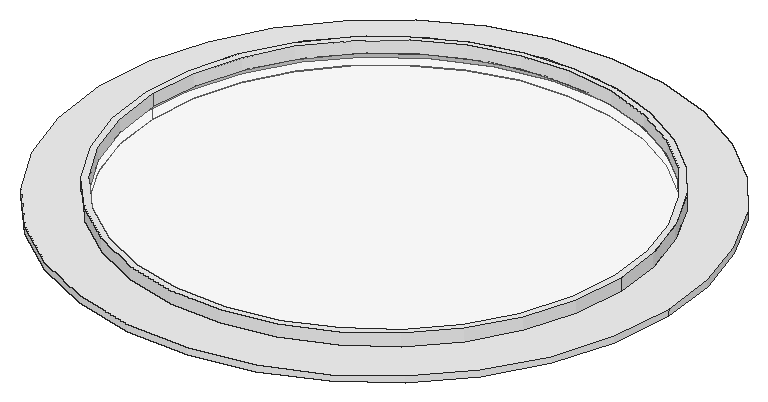
Revit family
Parameters (values of type "L8 - Frosted Shade w/ Vusion Diffuser")
  Wattage Comments = "0"
  Wattage = 23.5624 W
  Warranty Duration (Years) = 10  # constant formula
  built-in parameter 1150110 = 1 (stored number, unit not read)
  built-in parameter 1114217 = 1 (stored number, unit not read)
  Tilt Angle = 60.00°
  Test Data [instance] = "http://cpd.nfrc.org/pubsearch/psLineDetails.asp?CPD=STU-K-2_10641"
  built-in parameter 1150109 = 1 (stored number, unit not read)
  built-in parameter 1150134 = 10
  built-in parameter 1150113 = 1 (stored number, unit not read)
  Specification [instance] = "http://www.arcat.com/sd/clients/solatube.html?coid=35591"
  SpecWizard [instance] = "http://www.arcat.com/specwizard/08625slt/index.htm?mf=&coid=35591"
  Send Message = "http://www.arcat.com/clickthru.pl?loc=www.solatube.com&coid=35591"
  Sales Information [instance] = "http://www.solatube.com/commercial/brightenup.php"
  Product Properties [instance] = "http://www.arcat.com/bim/bim_info.pl?fn=Skylight_Solatube"
  Product Data [instance] = "http://www.arcat.com/clickthru.pl?coid=35591&prodid=2973&loc=www.solatube.com/residential/brightenup.php"
  Photometric Web File = "generic"
  Openrad = 0' - 5"
  built-in parameter 1150142 = (empty or 0)
  Model = " 160DS Vusion Diffuser - Frosted Shade / White Trim"
  Manufacturer's Notes = "Contact Solatube for IES File availablity"
  Manufacturer Website = "http://www.solatube.com"
  Manufacturer Phone - Toll Free = "888-765-2882"
  Manufacturer Phone = "760-597-4400"
  Manufacturer Fax = "760-597-4488"
  Manufacturer Address = "2210 Oak Ridge Way Vista CA  92081"
  Manufacturer = "Solatube International Inc."
  Maintenance Schedule (Months) [instance] = 0
  built-in parameter 1150105 = 278.52 (stored number, unit not read)
  Lumens = 3500 lm
  built-in parameter 1150115 = 1 (stored number, unit not read)
  built-in parameter 1150137 = (empty or 0)
  built-in parameter 1150139 = (empty or 0)
  Lens Material = Diffuser Lens - Acrylic Plastic - Frosted
  built-in parameter 1150112 = 1 (stored number, unit not read)
  built-in parameter 1150114 = 1 (stored number, unit not read)
  Keynote = "08 62 00"
  Installation-Fabrication [instance] = "http://www.solatube.com/downloads/2007/install/160DS_290DS.pdf"
  Installation Phase = ""
  built-in parameter 1150132 = 2
  built-in parameter 1150102 = (empty or 0)
  built-in parameter 1150107 = 6430 (stored number, unit not read)
  built-in parameter 1150138 = (empty or 0)
  built-in parameter 1150106 = 2.7852 (stored number, unit not read)
  Green Building-LEED [instance] = "http://www.arcat.com/green/leed_info.php?coid=35591&prodid=2973&mf="
  Expected Lifespan (Years) [instance] = 0
  built-in parameter 1150104 = 13.8 (stored number, unit not read)
  Drawn By = "Robert S. Weygant, CSI, CDT, SCIP"  # constant formula
  Dimming Lamp Color Temperature Shift = (empty or 0)
  Diffuser Trim Material = Diffuser Trim_Injection Molded Acrylic - White
  Description = "Solatube  160DS Vusion Diffuser - Frosted Shade / White Trim"
  Copyright = "2010, ARCAT, Inc."  # constant formula
  Construction Details [instance] = "http://www.arcat.com/details/solatube/prod0437.html"
  Color Filter = 16777215
  Building Codes [instance] = "http://www.solatube.com/commercial/technical_resources.php"
  built-in parameter 1114218 = 1 (stored number, unit not read)
  built-in parameter 1150133 = 10 (stored number, unit not read)
  Assembly Code = "B3020110"
Types (6): name | Model | Lens Material | Diffuser Trim Material | Description
  L1 - White Trim w/ Optiview Diffuser | "160DS Optiview Diffuser - White Trim" | Diffuser Lens - Acrylic Plastic - Prismatic | Diffuser Trim_Injection Molded Acrylic - White | "Solatube 160DS Optiview Diffuser - White Trim"
  L5 - Stainless Tone Trim w/ Optiview Diffuser | "160DS Optiview Diffuser - Stainless Tone Trim" | Diffuser Lens - Acrylic Plastic - Prismatic | Diffuser Trim_Injection Molded Acrylic - Stainless Steel Finish | "Solatube 160DS Optiview Diffuser - Stainless Tone Trim"
  L7 - Frosted Shade w/ Optiview Diffuser | " 160DS Optiview Diffuser - Frosted Shade / White Trim" | Diffuser Lens - Acrylic Plastic - Prismatic | Diffuser Trim_Injection Molded Acrylic - White | "Solatube 160DS Optiview Diffuser - Frosted Shade / White Trim"
  L8 - Frosted Shade w/ Vusion Diffuser | " 160DS Vusion Diffuser - Frosted Shade / White Trim" | Diffuser Lens - Acrylic Plastic - Frosted | Diffuser Trim_Injection Molded Acrylic - White | "Solatube  160DS Vusion Diffuser - Frosted Shade / White Trim"
  L4 - White Trim w/ Vusion Diffuser | "160DS Vusion Diffuser - White Trim" | Diffuser Lens - Acrylic Plastic - Frosted | Diffuser Trim_Injection Molded Acrylic - White | "Solatube 160DS Vusion Diffuser - White Trim"
  L6 - Stainless Tone Trim w/ Vusion Diffuser | "160DS Vusion Diffuser - Stainless Tone Trim" | Diffuser Lens - Acrylic Plastic - Prismatic | Diffuser Trim_Injection Molded Acrylic - Stainless Steel Finish | "Solatube 160DS Vusion Diffuser - Stainless Tone Trim"
Reference planes (in)
  plane 1 "Center (Front/Back)": y = 0.90511
  plane 2 "Ceiling": z = 0
  plane 3 "Center (Left/Right)": x = -0.62891
  plane 4: x = 11.37109
  plane 5: y = 12.90511
  plane 6: y = -11.09489
  plane 7: x = -12.62891
  plane 8 "Top": z = 10
Forms (in)
  Sweep 1, solid, material "Diffuser Trim_Injection Molded Acrylic - White" <- "Diffuser Trim Material"
    path in 3D
      loop
        arc (4.37109, 0.90511, 0) -> (-0.62891, -4.09489, 0) -> (-5.62891, 0.90511, 0) r 5
        arc (-5.62891, 0.90511, 0) -> (-0.62891, 5.90511, 0) -> (4.37109, 0.90511, 0) r 5
    profile origin (-0.62891, 5.90511, 0) x (0, 1, 0) y (0, 0, 1)
      loop
        line (0, 0) -> (0, 0.25) -> (-0.12527, 0.25) -> (-0.12527, 0) -> (0.14789, -0.23065) -> (0.77342, -0.23065) -> (1, -0.125) -> (1, 0) -> (0, 0)
  Extrusion 2, solid, material "Diffuser Lens - Acrylic Plastic - Frosted" <- "Lens Material"
    sketch origin (0, 0, 0) x (1, 0, 0) y (0, 1, 0)
      loop
        circle (-0.62891, 0.90511) r 5
    from 0 to 0.25
  Extrusion 3, solid, material "Diffuser Lens - Acrylic Plastic - Frosted" <- "Lens Material"
    sketch origin (0, 0, 0) x (1, 0, 0) y (0, 1, 0)
      loop
        circle (-0.62891, 0.90511) r 4.87473
    from -0.23065 to 0
Lines and regions (in)
  Opening 1
    outline origin (0, 0, 0) x (1, 0, 0) y (0, 1, 0)
      loop
        circle (-0.62891, 0.90511) r 5
  sketch lines
    curve 1: line (-60.62891, 60.90511, 0) -> (59.37109, 60.90511, 0)
    curve 2: line (-60.62891, 60.90511, 0) -> (-60.62891, -59.09489, 0)
    curve 3: line (-60.62891, -59.09489, 0) -> (59.37109, -59.09489, 0)
    curve 4: line (59.37109, 60.90511, 0) -> (59.37109, -59.09489, 0)
    curve 5: arc (-5.62891, 0.90511, 0) -> (-0.62891, 5.90511, 0) -> (4.37109, 0.90511, 0) r 5
    curve 6: arc (4.37109, 0.90511, 0) -> (-0.62891, -4.09489, 0) -> (-5.62891, 0.90511, 0) r 5
Dimensions and locks (in)
  equal spacing: curve 2, plane 3 "Center (Left/Right)", curve 4
  equal spacing: curve 3, plane 1 "Center (Front/Back)", curve 1
  curve 2 to curve 4 = 10' - 0"
  curve 3 to curve 1 = 10' - 0"
  "Openrad": Sweep 1 sketch curve to plane 1 "Center (Front/Back)"
  locked: Sweep 1 sketch curve to Sweep 1 sketch curve at 1.12527
  locked: Sweep 1 sketch curve to Sweep 1 sketch curve at 0.62553
  locked: Sweep 1 sketch curve to Sweep 1 sketch curve at 0.85211
  locked: plane 7 to plane 4 at 24
  locked: plane 5 to plane 6 at 24
  equal spacing: plane 7, plane 3 "Center (Left/Right)", plane 4
  equal spacing: plane 5, plane 1 "Center (Front/Back)", plane 6
  locked: plane 8 "Top" to plane 2 "Ceiling" at 10
  locked: plane 2 "Ceiling" to imposter light at 2
  "Openrad": radius of Opening 1 sketch curve
  "Openrad": radius of Extrusion 2 sketch curve
  aligned and locked: Sweep 1 sketch curve to profile plane
  aligned and locked: plane 1 "Center (Front/Back)" to imposter light
  aligned and locked: plane 3 "Center (Left/Right)" to imposter light
  aligned and locked: Extrusion 3 sketch curve to Sweep 1  (x2)
  aligned and locked: plane 2 "Ceiling" to Extrusion 3
  aligned and locked: Sweep 1 to Extrusion 3
Automatic sketch dimensions
  Opening 1 sketch curve to plane 1 "Center (Front/Back)" = 0' - 0"
  Opening 1 sketch curve to plane 3 "Center (Left/Right)" = 0' - 0"
  Sweep 1 sketch curve to profile plane = 0' - 0"
  Sweep 1 sketch curve to Sweep 1 sketch curve = 0' - 0.12527"
  Sweep 1 sketch curve to profile plane = 0' - 0.23065"
  Sweep 1 sketch curve to profile plane = 0' - 0 1/8"
  profile plane to Sweep 1 sketch curve = 0' - 0 1/4"
  Extrusion 2 sketch curve to plane 1 "Center (Front/Back)" = 0' - 0"
  Extrusion 2 sketch curve to plane 3 "Center (Left/Right)" = 0' - 0"
